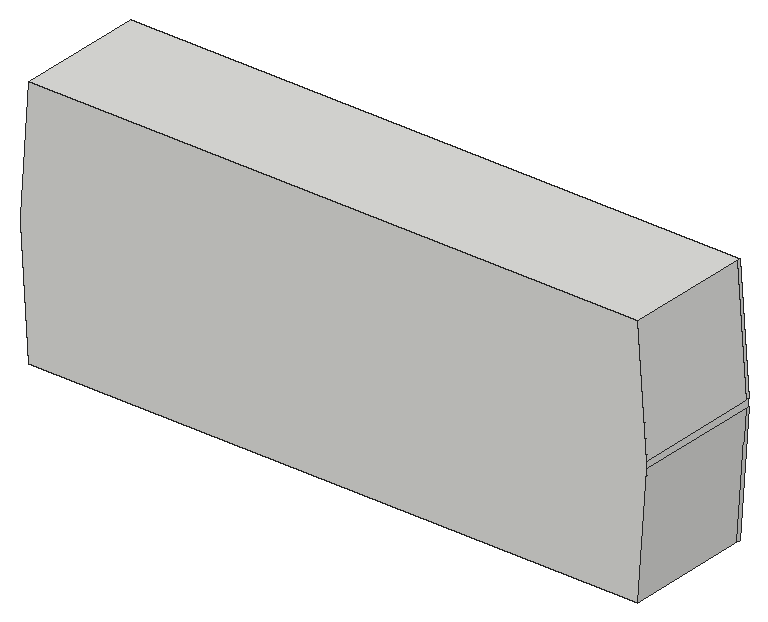
Revit family "290413 ProLED SC combi ST LED 230V 1t_Vegg", category Lighting Fixtures, Revit 2016
Family settings
  Part Type = Normal
  Round Connector Dimension = Use Diameter
  OmniClass Number = 23.80.70.11.21
  OmniClass Title = Emergency Lighting
  Work Plane-Based = No
  Always vertical = Yes
  Cut with Voids When Loaded = No
  Light Source = Yes
  Shared = No
  Room Calculation Point = No
Parameters (values of type "MarkeringsLys (45 Ned mot venstre)")
  Type Comments = "-UN"
  NS8360 = "4431_WT2"
  Markeringslys normal = no
  Markeringslys ikke normal = yes
  Keynote = "WT2"
  Height 2 = 0 mm  # constant formula
  Width = 73 mm  # constant formula
  Wattage Comments = "17 W"
  Wattage = 9.2903 W
  built-in parameter 1150110 = 1 (stored number, unit not read)
  Voltage = 230 V
  URL = ""
  built-in parameter 1114217 = 1 (stored number, unit not read)
  Tilt Angle = 90.00°
  built-in parameter 1150109 = 1 (stored number, unit not read)
  built-in parameter 1150134 = 3
  Symbol Positive Direction [instance] = yes
  Symbol Offset Side [instance] = 0 mm
  Symbol Offset Out [instance] = 0 mm
  built-in parameter 1150113 = 1 (stored number, unit not read)
  Reference Line Out [instance] = 50 mm
  Photometric Web File = "20x42A12.ies"
  Number of Poles = 1
  MarkeringsLys Venstre = no
  MarkeringsLys Ned = no
  MarkeringsLys Opp = no
  MarkeringsLys Høyre = no
  MarkeringsLys 45 Opp mot venstre = no
  MarkeringsLys 45 Opp mot høyre = no
  MarkeringsLys 45 Ned mot venstre = yes
  MarkeringsLys 45 Ned mot høyre = no
  ML = yes
  built-in parameter 1150105 = 109.82 (stored number, unit not read)
  Lumens = 1380 lm
  built-in parameter 1150115 = 1 (stored number, unit not read)
  Load Classification [instance] = Other
  Model = ""
  Manufacturer = "Honeywell"
  built-in parameter 1150137 = (empty or 0)
  built-in parameter 1150139 = (empty or 0)
  Length 1 = Length - 15 mm  # 345 mm
  Length = 360 mm  # constant formula
  LedeLys = no
  built-in parameter 1150112 = 1 (stored number, unit not read)
  built-in parameter 1150114 = 1 (stored number, unit not read)
  Lamp = "1"
  built-in parameter 1150132 = (empty or 0)
  built-in parameter 1150102 = (empty or 0)
  built-in parameter 1150107 = 3200 (stored number, unit not read)
  built-in parameter 1150138 = (empty or 0)
  built-in parameter 1150106 = 1.0982 (stored number, unit not read)
  Height 1 = Height - 10 mm  # 135 mm
  Height = 145 mm  # constant formula
  Emit from Rectangle Width = Height  # 145 mm
  Emit from Rectangle Length = Length  # 360 mm
  Emit Shape Visible in Rendering = no
  built-in parameter 1150104 = 13.8 (stored number, unit not read)
  Dimming Lamp Color Temperature Shift = <None>
  Description = ""
  Color Filter = 16777215
  Body Material and Colour = Steel
  built-in parameter 1114218 = 1 (stored number, unit not read)
  built-in parameter 1150133 = 10 (stored number, unit not read)
  Assembly Code = "4431"
  Apparent Load = 17 VA
Types (9, lengths in mm): name | NS8360 | Markeringslys normal | Markeringslys ikke normal | MarkeringsLys Venstre | MarkeringsLys Ned | MarkeringsLys Opp | MarkeringsLys Høyre | MarkeringsLys 45 Opp mot venstre | MarkeringsLys 45 Opp mot høyre | MarkeringsLys 45 Ned mot venstre | MarkeringsLys 45 Ned mot høyre | ML | LedeLys | Assembly Code
  LedeLys | "4432_WT2" | yes | no | no | no | no | no | no | no | no | no | no | yes | "4432"
  MarkeringsLys (Ned) | "4431_WT2" | yes | no | no | yes | no | no | no | no | no | no | yes | no | "4431"
  MarkeringsLys (Opp) | "4431_WT2" | yes | no | no | no | yes | no | no | no | no | no | yes | no | "4431"
  MarkeringsLys (Venstre) | "4431_WT2" | no | yes | yes | no | no | no | no | no | no | no | yes | no | "4431"
  MarkeringsLys (Høyre) | "4431_WT2" | yes | no | no | no | no | yes | no | no | no | no | yes | no | "4431"
  MarkeringsLys (45 Ned mot høyre) | "4431_WT2" | yes | no | no | no | no | no | no | no | no | yes | yes | no | "4431"
  MarkeringsLys (45 Ned mot venstre) | "4431_WT2" | no | yes | no | no | no | no | no | no | yes | no | yes | no | "4431"
  MarkeringsLys (45 Opp mot høyre) | "4431_WT2" | yes | no | no | no | no | no | no | yes | no | no | yes | no | "4431"
  MarkeringsLys (45 Opp mot venstre) | "4431_WT2" | no | yes | no | no | no | no | yes | no | no | no | yes | no | "4431"
Reference planes
  plane 1 "Light Source Axis (F/B)": y = 119.961
  plane 2 "Top": z = 83
  plane 3 "Light Source Axis (L/R)": x = 0
  plane 4 "Level": z = 0
  plane 5 "Bottom": z = -145
  plane 6: x = -180
  plane 7: x = 180
  plane 8: y = 190.961
  plane 9: y = 192.961
  plane 10: z = -5
  plane 11: x = -172.5
  plane 12: x = 172.5
  plane 13: z = -72.5
  plane 14: z = -140
  plane 15: x = -80
  plane 16: x = 80
  plane 17: y = 149.961
Forms (mm)
  Extrusion 1, solid, material "Steel" <- "Body Material and Colour"
    sketch origin (0, 119.961, 0) x (1, 0, 0) y (0, 0, 1)
      loop
        arc (-175, 0) -> (-178.748, -35.161) -> (-180, -70.5) r 499.525
        line (-180, -70.5) -> (-180, -74.5)
        arc (-180, -74.5) -> (-178.748, -109.839) -> (-175, -145) r 499.525
        line (-175, -145) -> (175, -145)
        arc (175, -145) -> (178.748, -109.839) -> (180, -74.5) r 499.525
        line (180, -74.5) -> (180, -70.5)
        arc (180, -70.5) -> (178.748, -35.161) -> (175, 0) r 499.525
        line (175, 0) -> (-175, 0)
    from 0 to -71
  Extrusion 2, solid, material "Steel" <- "Body Material and Colour"
    sketch origin (0, 119.961, 0) x (1, 0, 0) y (0, 0, 1)
      loop
        arc (-175, 0) -> (-178.748, -35.161) -> (-180, -70.5) r 499.525
        line (-180, -70.5) -> (-180, -74.5)
        arc (-180, -74.5) -> (-178.748, -109.839) -> (-175, -145) r 499.525
        line (-175, -145) -> (175, -145)
        arc (175, -145) -> (178.748, -109.839) -> (180, -74.5) r 499.525
        line (180, -74.5) -> (180, -70.5)
        arc (180, -70.5) -> (178.748, -35.161) -> (175, 0) r 499.525
        line (175, 0) -> (-175, 0)
      loop
        line (-172.5, -5) -> (-172.5, -140) -> (172.5, -140) -> (172.5, -5) -> (-172.5, -5)
    from -73 to -71
  Extrusion 3, solid, material "White"
    sketch origin (0, 119.961, 0) x (1, 0, 0) y (0, 0, 1)
      loop
        line (172.5, -5) -> (-172.5, -5) -> (-172.5, -140) -> (172.5, -140) -> (172.5, -5)
    from -71 to -30
Cuts and joins
  joined: Extrusion 1, Extrusion 2
Lines and regions (mm)
  model lines, style "InvisibleLines"
    curve 1: line (0, 119.961, 0) -> (0, 169.961, 0)
  symbolic lines, style "InvisibleLines"
    curve 2: line (0, 119.961, 0) -> (0, 119.961, 50)
Dimensions and locks
  equal spacing: plane 6, plane 3 "Light Source Axis (L/R)", plane 7
  "Length": plane 6 to plane 7
  plane 8 to plane 1 "Light Source Axis (F/B)" = 71 mm
  locked: plane 9 to plane 8 at 2
  equal spacing: plane 4 "Level", plane 13, plane 5 "Bottom"
  "Height": plane 4 "Level" to plane 5 "Bottom"
  equal spacing: plane 11, plane 3 "Light Source Axis (L/R)", plane 12
  "Length 1": plane 11 to plane 12
  equal spacing: plane 10, plane 13, plane 14
  "Height 1": plane 10 to plane 14
  "Width": plane 1 "Light Source Axis (F/B)" to plane 9
  "Reference Line Out": plane 1 "Light Source Axis (F/B)" to curve 1
  plane 11 to plane 6 = 7.5 mm
  "Height 2": level to plane 4 "Level"
  equal spacing: plane 16, plane 3 "Light Source Axis (L/R)", plane 15
  locked: plane 16 to plane 15 at 160
  plane 1 "Light Source Axis (F/B)" to plane 17 = 30 mm
  aligned and locked: plane 3 "Light Source Axis (L/R)" to nested 2
  aligned and locked: plane 1 "Light Source Axis (F/B)" to nested 2
  aligned and locked: plane 8 to nested 1
  aligned and locked: plane 4 "Level" to Extrusion 1 sketch curve
  aligned and locked: plane 5 "Bottom" to Extrusion 1 sketch curve
  aligned and locked: Extrusion 1 to plane 8
  aligned and locked: plane 1 "Light Source Axis (F/B)" to Extrusion 1
  aligned and locked: plane 4 "Level" to Extrusion 2 sketch curve
  aligned and locked: plane 5 "Bottom" to Extrusion 2 sketch curve
  aligned and locked: plane 6 to Extrusion 2 sketch curve
  aligned and locked: Extrusion 2 sketch curve to plane 10
  aligned and locked: plane 11 to Extrusion 2 sketch curve
  aligned and locked: plane 14 to Extrusion 2 sketch curve
  aligned and locked: Extrusion 2 sketch curve to plane 12
  aligned and locked: plane 8 to Extrusion 2
  aligned and locked: Extrusion 2 to plane 9
  aligned and locked: nested 1 to plane 13
  aligned and locked: plane 13 to imposter light
  aligned and locked: imposter light to plane 1 "Light Source Axis (F/B)"
  aligned and locked: imposter light to plane 3 "Light Source Axis (L/R)"
  aligned and locked: plane 1 "Light Source Axis (F/B)" to curve 1
  aligned and locked: plane 3 "Light Source Axis (L/R)" to curve 1
  aligned and locked: nested 3 to plane 3 "Light Source Axis (L/R)"
  aligned and locked: plane 13 to nested 3
  aligned and locked: nested 3 to plane 8
  aligned and locked: plane 13 to nested 4
  aligned and locked: nested 4 to plane 3 "Light Source Axis (L/R)"
  aligned and locked: nested 4 to plane 8
  aligned and locked: plane 13 to nested 5
  aligned and locked: nested 5 to plane 3 "Light Source Axis (L/R)"
  aligned and locked: nested 5 to plane 8
  aligned and locked: plane 13 to nested 6
  aligned and locked: nested 6 to plane 3 "Light Source Axis (L/R)"
  aligned and locked: nested 6 to plane 8
  aligned and locked: nested 7 to plane 8
  aligned and locked: nested 7 to plane 3 "Light Source Axis (L/R)"
  aligned and locked: plane 13 to nested 7
  aligned and locked: nested 8 to plane 8
  aligned and locked: nested 8 to plane 3 "Light Source Axis (L/R)"
  aligned and locked: plane 13 to nested 8
  aligned and locked: nested 9 to plane 8
  aligned and locked: plane 13 to nested 9
  aligned and locked: nested 9 to plane 3 "Light Source Axis (L/R)"
  aligned and locked: Extrusion 3 sketch curve to plane 12
  aligned and locked: plane 14 to Extrusion 3 sketch curve
  aligned and locked: plane 11 to Extrusion 3 sketch curve
  aligned and locked: Extrusion 3 sketch curve to plane 10
  aligned and locked: Extrusion 3 to plane 8
  aligned and locked: Extrusion 3 to plane 17
  aligned and locked: Extrusion 1 sketch curve to plane 7
  aligned and locked: plane 7 to Extrusion 2 sketch curve
  aligned and locked: plane 3 "Light Source Axis (L/R)" to curve 2
  aligned and locked: level to curve 2
  aligned and locked: plane 3 "Light Source Axis (L/R)" to nested 10
  aligned and locked: plane 1 "Light Source Axis (F/B)" to nested 10
Automatic sketch dimensions
  Extrusion 1 sketch curve to plane 6 = 0 mm
  plane 13 to Extrusion 1 sketch curve = 2 mm  (x2)
  Extrusion 1 sketch curve to Extrusion 1 sketch curve = 139.525 mm
  Extrusion 1 sketch curve to plane 13 = 2 mm  (x2)
  Extrusion 1 sketch curve to Extrusion 1 sketch curve = 0 mm  (x2)
  plane 6 to Extrusion 1 sketch curve = 5 mm
  plane 13 to Extrusion 2 sketch curve = 2 mm  (x2)
  Extrusion 2 sketch curve to plane 6 = 139.525 mm
  Extrusion 2 sketch curve to plane 13 = 2 mm  (x2)
  Extrusion 2 sketch curve to Extrusion 2 sketch curve = 0 mm  (x2)
  plane 6 to Extrusion 2 sketch curve = 5 mm
  plane 2 "Top" to curve 2 = 33 mm
Nested families
  nested 1: "Formula 65_ned" at (0, 190.961, -72.5), type "Formula 65"
  nested 2: "LedelysS" at (0, 119.961, 0), visible <- "LedeLys", type "Type 1"
  nested 3: "Formula 65_skrått 45 grader ned mot høyre" at (0, 190.961, -72.5) x (-1, 0, 0) z (0, 0, 1), visible <- "LedeLys", type "Formula 65"
  nested 4: "Formula 65_skrått 45 grader ned mot venstre" at (0, 190.961, -72.5) x (-1, 0, 0) z (0, 0, 1), type "Formula 65"
  nested 5: "Formula 65_skrått 45 grader opp mot høyre" at (0, 190.961, -72.5) x (-1, 0, 0) z (0, 0, 1), type "Formula 65"
  nested 6: "Formula 65_skrått 45 grader opp mot venstre" at (0, 190.961, -72.5) x (-1, 0, 0) z (0, 0, 1), type "Formula 65"
  nested 7: "Formula 65_høyre" at (0, 190.961, -72.5) x (-1, 0, 0) z (0, 0, 1), type "Formula 65"
  nested 8: "Formula 65_opp" at (0, 190.961, -72.5) x (-1, 0, 0) z (0, 0, 1), type "Formula 65"
  nested 9: "Formula 65_venstre" at (0, 190.961, -72.5) x (-1, 0, 0) z (0, 0, 1), type "Formula 65"
  nested 10: "Markeringslys1sideS" at (0, 119.961, 0), visible <- "ML", type "Type 1"
Connectors
  electrical at (0, 119.961, 0), driven by "Number of Poles", driven by "Load Classification", driven by "Voltage", driven by "Apparent Load"
    settings: index 1, voltage 230 V, apparent load 0 VA, apparent load phase1 17 VA, apparent load phase2 0 VA, apparent load phase3 0 VA, power factor 1, load classification "Other", number of poles 1, system type 31, power factor state 1, is connector primary yes, connector utility no, sub classification motor no, connector description ""
Definition of nested family "Formula 65_skrått 45 grader ned mot venstre"
  Parameters (values of type "Formula 65")
    L = 205 mm
    H = 135 mm
    45 ned mot venstre = yes
  Reference planes
    plane 1 "Center (Front/Back)": y = 0
    plane 2: z = 0
    plane 3 "Center (Left/Right)": x = 0
    plane 4: y = -2
  Forms (mm)
    Extrusion 1, solid, visible <- "45 ned mot venstre"
      sketch origin (453.48, 0, -265.275) x (1, 0, 0) y (0, 0, 1)
        loop
          line (-280.98, 332.775) -> (-625.98, 332.775) -> (-625.98, 197.775) -> (-280.98, 197.775) -> (-280.98, 332.775)
        loop
          circle (-417.615, 311.311) r 8.584
        loop
          line (-410.584, 296.212) -> (-415.061, 291.735) -> (-410.042, 283.042) -> (-424.294, 271.082)
          arc (-424.294, 271.082) -> (-425.135, 269.468) -> (-424.587, 267.732) r 2.378
          line (-424.587, 267.732) -> (-422.549, 265.304)
          arc (-422.549, 265.304) -> (-420.935, 264.463) -> (-419.2, 265.011) r 2.378
          line (-419.2, 265.011) -> (-406.018, 276.072) -> (-399.981, 265.617) -> (-413.827, 253.999) -> (-413.827, 216.163)
          arc (-413.827, 216.163) -> (-412.666, 213.361) -> (-409.864, 212.2) r 3.963
          line (-409.864, 212.2) -> (-405.901, 212.2)
          arc (-405.901, 212.2) -> (-403.099, 213.361) -> (-401.938, 216.163) r 3.963
          line (-401.938, 216.163) -> (-401.938, 248.455) -> (-393.945, 255.162) -> (-387.614, 244.195) -> (-346.457, 244.195)
          arc (-346.457, 244.195) -> (-343.655, 245.356) -> (-342.494, 248.158) r 3.963
          line (-342.494, 248.158) -> (-342.494, 252.121)
          arc (-342.494, 252.121) -> (-343.655, 254.924) -> (-346.457, 256.084) r 3.963
          line (-346.457, 256.084) -> (-367.022, 256.084) -> (-386.981, 290.655) -> (-366.358, 286.639) -> (-358.93, 273.773)
          arc (-358.93, 273.773) -> (-357.426, 272.65) -> (-355.576, 272.968) r 2.378
          line (-355.576, 272.968) -> (-352.83, 274.751)
          arc (-352.83, 274.751) -> (-351.799, 276.251) -> (-352.131, 278.04) r 2.378
          line (-352.131, 278.04) -> (-362.467, 293.956) -> (-403.704, 301.986) -> (-410.584, 296.212)
        loop
          line (-553.229, 266.575) -> (-553.229, 229) -> (-515.653, 229) -> (-504.381, 240.273) -> (-530.684, 240.273) -> (-475.043, 295.913) -> (-486.316, 307.186) -> (-541.956, 251.545) -> (-541.956, 277.848) -> (-553.229, 266.575)
      from 0 to 2
  Dimensions and locks
    aligned and locked: level to plane 2
Definition of nested family "Formula 65_ned"
  Parameters (values of type "Formula 65")
    Ned = yes
    L = 205 mm
    H = 135 mm
  Reference planes
    plane 1 "Center (Front/Back)": y = 0
    plane 2: z = 0
    plane 3 "Center (Left/Right)": x = 0
    plane 4: y = -2
  Forms (mm)
    Extrusion 1, solid, visible <- "Ned"
      sketch origin (453.48, 0, -265.275) x (1, 0, 0) y (0, 0, 1)
        loop
          line (-280.98, 332.775) -> (-625.98, 332.775) -> (-625.98, 197.775) -> (-280.98, 197.775) -> (-280.98, 332.775)
        loop
          line (-504.749, 240.544) -> (-504.749, 256.486) -> (-523.347, 237.888) -> (-523.347, 316.575) -> (-539.289, 316.575) -> (-539.289, 237.888) -> (-557.888, 256.486) -> (-557.888, 240.544) -> (-531.318, 213.975) -> (-504.749, 240.544)
        loop
          circle (-417.615, 311.311) r 8.584
        loop
          line (-410.584, 296.212) -> (-415.061, 291.735) -> (-410.042, 283.042) -> (-424.294, 271.082)
          arc (-424.294, 271.082) -> (-425.135, 269.468) -> (-424.587, 267.732) r 2.378
          line (-424.587, 267.732) -> (-422.549, 265.304)
          arc (-422.549, 265.304) -> (-420.935, 264.463) -> (-419.2, 265.011) r 2.378
          line (-419.2, 265.011) -> (-406.018, 276.072) -> (-399.981, 265.617) -> (-413.827, 253.999) -> (-413.827, 216.163)
          arc (-413.827, 216.163) -> (-412.666, 213.361) -> (-409.864, 212.2) r 3.963
          line (-409.864, 212.2) -> (-405.901, 212.2)
          arc (-405.901, 212.2) -> (-403.099, 213.361) -> (-401.938, 216.163) r 3.963
          line (-401.938, 216.163) -> (-401.938, 248.455) -> (-393.945, 255.162) -> (-387.614, 244.195) -> (-346.457, 244.195)
          arc (-346.457, 244.195) -> (-343.655, 245.356) -> (-342.494, 248.158) r 3.963
          line (-342.494, 248.158) -> (-342.494, 252.121)
          arc (-342.494, 252.121) -> (-343.655, 254.924) -> (-346.457, 256.084) r 3.963
          line (-346.457, 256.084) -> (-367.022, 256.084) -> (-386.981, 290.655) -> (-366.358, 286.639) -> (-358.93, 273.773)
          arc (-358.93, 273.773) -> (-357.426, 272.65) -> (-355.576, 272.968) r 2.378
          line (-355.576, 272.968) -> (-352.83, 274.751)
          arc (-352.83, 274.751) -> (-351.799, 276.251) -> (-352.131, 278.04) r 2.378
          line (-352.131, 278.04) -> (-362.467, 293.956) -> (-403.704, 301.986) -> (-410.584, 296.212)
      from 0 to 2
  Dimensions and locks
    aligned and locked: level to plane 2
Definition of nested family "LedelysS"
  Parameters
    CQ Symbol Positive Direction = yes
    CQ Symbol Negative Direction = not(CQ Symbol Positive Direction)  # no
    CQ Symbol Offset Side = 0 mm
    CQ Symbol Offset Out = 0 mm
  Reference planes
    plane 1: y = 0
    plane 2: x = 0
  Dimensions and locks
    "CQ Symbol Offset Out": plane 1 to nested 1
    "CQ Symbol Offset Out": plane 1 to nested 2
    "CQ Symbol Offset Side": plane 2 to nested 2
    "CQ Symbol Offset Side": nested 1 to plane 2
  Nested families
    nested 1: "LedelysSub" at (0, 0, 0), visible <- "CQ Symbol Negative Direction", type "Type 1"
    nested 2: "LedelysSub" at (0, 0, 0), visible <- "CQ Symbol Positive Direction", type "Type 1"
  Definition of nested family "LedelysSub"
    Reference planes
      plane 1: y = 0
      plane 2: x = 0
    Lines and regions (mm)
      detail lines
        curve 1: line (-4, 0, 0) -> (4, 0, 0)
        curve 2: line (4, 0, 0) -> (4, 4, 0)
        curve 3: line (4, 4, 0) -> (-4, 4, 0)
        curve 4: line (-4, 4, 0) -> (-4, 0, 0)
        curve 5: line (-3.097, 0.75, 0) -> (-0.597, 3.25, 0)
        curve 6: line (-3.097, 3.25, 0) -> (-0.597, 0.75, 0)
        curve 7: circle (-1.847, 2, 0) r 1.2 normal (0, 0, 1)
    Text (mm)
      text "LL" at (2.179, 3.025, 0)
Definition of nested family "Formula 65_skrått 45 grader ned mot høyre"
  Parameters (values of type "Formula 65")
    L = 205 mm
    H = 135 mm
    45 ned mot høyre = yes
  Reference planes
    plane 1 "Center (Front/Back)": y = 0
    plane 2: z = 0
    plane 3 "Center (Left/Right)": x = 0
    plane 4: y = -2
  Forms (mm)
    Extrusion 1, solid, visible <- "45 ned mot høyre"
      sketch origin (453.48, 0, -265.275) x (1, 0, 0) y (0, 0, 1)
        loop
          line (-280.98, 332.775) -> (-625.98, 332.775) -> (-625.98, 197.775) -> (-280.98, 197.775) -> (-280.98, 332.775)
        loop
          circle (-489.344, 311.311) r 8.584
        loop
          line (-496.375, 296.212) -> (-503.256, 301.986) -> (-544.493, 293.956) -> (-554.828, 278.04)
          arc (-554.828, 278.04) -> (-555.16, 276.251) -> (-554.129, 274.751) r 2.378
          line (-554.129, 274.751) -> (-551.383, 272.968)
          arc (-551.383, 272.968) -> (-549.533, 272.65) -> (-548.029, 273.773) r 2.378
          line (-548.029, 273.773) -> (-540.601, 286.639) -> (-519.978, 290.655) -> (-539.937, 256.084) -> (-560.502, 256.084)
          arc (-560.502, 256.084) -> (-563.304, 254.924) -> (-564.465, 252.121) r 3.963
          line (-564.465, 252.121) -> (-564.465, 248.158)
          arc (-564.465, 248.158) -> (-563.304, 245.356) -> (-560.502, 244.195) r 3.963
          line (-560.502, 244.195) -> (-519.345, 244.195) -> (-513.014, 255.162) -> (-505.021, 248.455) -> (-505.021, 216.163)
          arc (-505.021, 216.163) -> (-503.86, 213.361) -> (-501.058, 212.2) r 3.963
          line (-501.058, 212.2) -> (-497.095, 212.2)
          arc (-497.095, 212.2) -> (-494.293, 213.361) -> (-493.132, 216.163) r 3.963
          line (-493.132, 216.163) -> (-493.132, 253.999) -> (-506.978, 265.617) -> (-500.942, 276.072) -> (-487.759, 265.011)
          arc (-487.759, 265.011) -> (-486.024, 264.463) -> (-484.41, 265.304) r 2.378
          line (-484.41, 265.304) -> (-482.372, 267.732)
          arc (-482.372, 267.732) -> (-481.824, 269.468) -> (-482.665, 271.082) r 2.378
          line (-482.665, 271.082) -> (-496.917, 283.042) -> (-491.898, 291.735) -> (-496.375, 296.212)
        loop
          line (-348.33, 266.575) -> (-359.603, 277.848) -> (-359.603, 251.545) -> (-415.243, 307.186) -> (-426.516, 295.913) -> (-370.876, 240.273) -> (-397.178, 240.273) -> (-385.906, 229) -> (-348.33, 229) -> (-348.33, 266.575)
      from 0 to 2
  Dimensions and locks
    aligned and locked: level to plane 2
Definition of nested family "Formula 65_skrått 45 grader opp mot høyre"
  Parameters (values of type "Formula 65")
    L = 205 mm
    H = 135 mm
    45 grader opp mot høyre = yes
  Reference planes
    plane 1 "Center (Front/Back)": y = 0
    plane 2: z = 0
    plane 3 "Center (Left/Right)": x = 0
    plane 4: y = -2
  Forms (mm)
    Extrusion 1, solid, visible <- "45 grader opp mot høyre"
      sketch origin (453.48, 0, -265.275) x (1, 0, 0) y (0, 0, 1)
        loop
          line (-280.98, 332.775) -> (-625.98, 332.775) -> (-625.98, 197.775) -> (-280.98, 197.775) -> (-280.98, 332.775)
        loop
          circle (-489.344, 311.311) r 8.584
        loop
          line (-496.375, 296.212) -> (-503.256, 301.986) -> (-544.493, 293.956) -> (-554.828, 278.04)
          arc (-554.828, 278.04) -> (-555.16, 276.251) -> (-554.129, 274.751) r 2.378
          line (-554.129, 274.751) -> (-551.383, 272.968)
          arc (-551.383, 272.968) -> (-549.533, 272.65) -> (-548.029, 273.773) r 2.378
          line (-548.029, 273.773) -> (-540.601, 286.639) -> (-519.978, 290.655) -> (-539.937, 256.084) -> (-560.502, 256.084)
          arc (-560.502, 256.084) -> (-563.304, 254.924) -> (-564.465, 252.121) r 3.963
          line (-564.465, 252.121) -> (-564.465, 248.158)
          arc (-564.465, 248.158) -> (-563.304, 245.356) -> (-560.502, 244.195) r 3.963
          line (-560.502, 244.195) -> (-519.345, 244.195) -> (-513.014, 255.162) -> (-505.021, 248.455) -> (-505.021, 216.163)
          arc (-505.021, 216.163) -> (-503.86, 213.361) -> (-501.058, 212.2) r 3.963
          line (-501.058, 212.2) -> (-497.095, 212.2)
          arc (-497.095, 212.2) -> (-494.293, 213.361) -> (-493.132, 216.163) r 3.963
          line (-493.132, 216.163) -> (-493.132, 253.999) -> (-506.978, 265.617) -> (-500.942, 276.072) -> (-487.759, 265.011)
          arc (-487.759, 265.011) -> (-486.024, 264.463) -> (-484.41, 265.304) r 2.378
          line (-484.41, 265.304) -> (-482.372, 267.732)
          arc (-482.372, 267.732) -> (-481.824, 269.468) -> (-482.665, 271.082) r 2.378
          line (-482.665, 271.082) -> (-496.917, 283.042) -> (-491.898, 291.735) -> (-496.375, 296.212)
        loop
          line (-348.33, 263.974) -> (-348.33, 301.549) -> (-385.906, 301.549) -> (-397.178, 290.277) -> (-370.876, 290.277) -> (-426.516, 234.636) -> (-415.243, 223.364) -> (-359.603, 279.004) -> (-359.603, 252.701) -> (-348.33, 263.974)
      from 0 to 2
  Dimensions and locks
    aligned and locked: level to plane 2
Definition of nested family "Formula 65_skrått 45 grader opp mot venstre"
  Parameters (values of type "Formula 65")
    L = 205 mm
    H = 135 mm
    45 opp mot venstre = yes
  Reference planes
    plane 1 "Center (Front/Back)": y = 0
    plane 2: z = 0
    plane 3 "Center (Left/Right)": x = 0
    plane 4: y = -2
  Forms (mm)
    Extrusion 1, solid, visible <- "45 opp mot venstre"
      sketch origin (453.48, 0, -265.275) x (1, 0, 0) y (0, 0, 1)
        loop
          line (-280.98, 332.775) -> (-625.98, 332.775) -> (-625.98, 197.775) -> (-280.98, 197.775) -> (-280.98, 332.775)
        loop
          circle (-413.631, 316.426) r 9.538
        loop
          line (-405.818, 299.649) -> (-410.792, 294.675) -> (-405.215, 285.016) -> (-421.051, 271.728)
          arc (-421.051, 271.728) -> (-421.985, 269.934) -> (-421.377, 268.006) r 2.642
          line (-421.377, 268.006) -> (-419.113, 265.307)
          arc (-419.113, 265.307) -> (-417.319, 264.373) -> (-415.391, 264.981) r 2.642
          line (-415.391, 264.981) -> (-400.744, 277.271) -> (-394.037, 265.655) -> (-409.421, 252.746) -> (-409.421, 210.706)
          arc (-409.421, 210.706) -> (-408.132, 207.592) -> (-405.018, 206.303) r 4.403
          line (-405.018, 206.303) -> (-400.615, 206.303)
          arc (-400.615, 206.303) -> (-397.501, 207.592) -> (-396.211, 210.706) r 4.403
          line (-396.211, 210.706) -> (-396.211, 246.586) -> (-387.33, 254.038) -> (-380.295, 241.853) -> (-334.565, 241.853)
          arc (-334.565, 241.853) -> (-331.452, 243.143) -> (-330.162, 246.257) r 4.403
          line (-330.162, 246.257) -> (-330.162, 250.66)
          arc (-330.162, 250.66) -> (-331.452, 253.773) -> (-334.565, 255.063) r 4.403
          line (-334.565, 255.063) -> (-357.415, 255.063) -> (-379.592, 293.474) -> (-356.678, 289.013) -> (-348.425, 274.717)
          arc (-348.425, 274.717) -> (-346.753, 273.469) -> (-344.698, 273.823) r 2.642
          line (-344.698, 273.823) -> (-341.647, 275.804)
          arc (-341.647, 275.804) -> (-340.501, 277.47) -> (-340.87, 279.459) r 2.642
          line (-340.87, 279.459) -> (-352.354, 297.143) -> (-398.173, 306.065) -> (-405.818, 299.649)
        loop
          line (-576.312, 263.83) -> (-563.787, 251.304) -> (-563.787, 280.53) -> (-501.964, 218.707) -> (-489.439, 231.232) -> (-551.262, 293.055) -> (-522.037, 293.055) -> (-534.562, 305.58) -> (-576.312, 305.58) -> (-576.312, 263.83)
      from 0 to 2
  Dimensions and locks
    aligned and locked: level to plane 2
Definition of nested family "Formula 65_høyre"
  Parameters (values of type "Formula 65")
    L = 205 mm
    Høyre = yes
    H = 135 mm
  Reference planes
    plane 1 "Center (Front/Back)": y = 0
    plane 2: z = 0
    plane 3 "Center (Left/Right)": x = 0
    plane 4: y = -2
  Forms (mm)
    Extrusion 1, solid, visible <- "Høyre"
      sketch origin (453.48, 0, -265.275) x (1, 0, 0) y (0, 0, 1)
        loop
          line (-280.98, 332.775) -> (-625.98, 332.775) -> (-625.98, 197.775) -> (-280.98, 197.775) -> (-280.98, 332.775)
        loop
          circle (-489.344, 311.311) r 8.584
        loop
          line (-496.375, 296.212) -> (-503.256, 301.986) -> (-544.493, 293.956) -> (-554.828, 278.04)
          arc (-554.828, 278.04) -> (-555.16, 276.251) -> (-554.129, 274.751) r 2.378
          line (-554.129, 274.751) -> (-551.383, 272.968)
          arc (-551.383, 272.968) -> (-549.533, 272.65) -> (-548.029, 273.773) r 2.378
          line (-548.029, 273.773) -> (-540.601, 286.639) -> (-519.978, 290.655) -> (-539.937, 256.084) -> (-560.502, 256.084)
          arc (-560.502, 256.084) -> (-563.304, 254.924) -> (-564.465, 252.121) r 3.963
          line (-564.465, 252.121) -> (-564.465, 248.158)
          arc (-564.465, 248.158) -> (-563.304, 245.356) -> (-560.502, 244.195) r 3.963
          line (-560.502, 244.195) -> (-519.345, 244.195) -> (-513.014, 255.162) -> (-505.021, 248.455) -> (-505.021, 216.163)
          arc (-505.021, 216.163) -> (-503.86, 213.361) -> (-501.058, 212.2) r 3.963
          line (-501.058, 212.2) -> (-497.095, 212.2)
          arc (-497.095, 212.2) -> (-494.293, 213.361) -> (-493.132, 216.163) r 3.963
          line (-493.132, 216.163) -> (-493.132, 253.999) -> (-506.978, 265.617) -> (-500.942, 276.072) -> (-487.759, 265.011)
          arc (-487.759, 265.011) -> (-486.024, 264.463) -> (-484.41, 265.304) r 2.378
          line (-484.41, 265.304) -> (-482.372, 267.732)
          arc (-482.372, 267.732) -> (-481.824, 269.468) -> (-482.665, 271.082) r 2.378
          line (-482.665, 271.082) -> (-496.917, 283.042) -> (-491.898, 291.735) -> (-496.375, 296.212)
        loop
          line (-357.175, 291.844) -> (-373.117, 291.844) -> (-354.518, 273.246) -> (-433.205, 273.246) -> (-433.205, 257.304) -> (-354.518, 257.304) -> (-373.117, 238.705) -> (-357.175, 238.705) -> (-330.605, 265.275) -> (-357.175, 291.844)
      from 0 to 2
  Dimensions and locks
    aligned and locked: level to plane 2
Definition of nested family "Formula 65_opp"
  Parameters (values of type "Formula 65")
    Up = yes
    L = 205 mm
    H = 135 mm
  Reference planes
    plane 1 "Center (Front/Back)": y = 0
    plane 2: z = 0
    plane 3 "Center (Left/Right)": x = 0
    plane 4: y = -2
  Forms (mm)
    Extrusion 1, solid, visible <- "Up"
      sketch origin (453.48, 0, -265.275) x (1, 0, 0) y (0, 0, 1)
        loop
          line (-280.98, 332.775) -> (-625.98, 332.775) -> (-625.98, 197.775) -> (-280.98, 197.775) -> (-280.98, 332.775)
        loop
          circle (-417.615, 311.311) r 8.584
        loop
          line (-410.584, 296.212) -> (-415.061, 291.735) -> (-410.042, 283.042) -> (-424.294, 271.082)
          arc (-424.294, 271.082) -> (-425.135, 269.468) -> (-424.587, 267.732) r 2.378
          line (-424.587, 267.732) -> (-422.549, 265.304)
          arc (-422.549, 265.304) -> (-420.935, 264.463) -> (-419.2, 265.011) r 2.378
          line (-419.2, 265.011) -> (-406.018, 276.072) -> (-399.981, 265.617) -> (-413.827, 253.999) -> (-413.827, 216.163)
          arc (-413.827, 216.163) -> (-412.666, 213.361) -> (-409.864, 212.2) r 3.963
          line (-409.864, 212.2) -> (-405.901, 212.2)
          arc (-405.901, 212.2) -> (-403.099, 213.361) -> (-401.938, 216.163) r 3.963
          line (-401.938, 216.163) -> (-401.938, 248.455) -> (-393.945, 255.162) -> (-387.614, 244.195) -> (-346.457, 244.195)
          arc (-346.457, 244.195) -> (-343.655, 245.356) -> (-342.494, 248.158) r 3.963
          line (-342.494, 248.158) -> (-342.494, 252.121)
          arc (-342.494, 252.121) -> (-343.655, 254.924) -> (-346.457, 256.084) r 3.963
          line (-346.457, 256.084) -> (-367.022, 256.084) -> (-386.981, 290.655) -> (-366.358, 286.639) -> (-358.93, 273.773)
          arc (-358.93, 273.773) -> (-357.426, 272.65) -> (-355.576, 272.968) r 2.378
          line (-355.576, 272.968) -> (-352.83, 274.751)
          arc (-352.83, 274.751) -> (-351.799, 276.251) -> (-352.131, 278.04) r 2.378
          line (-352.131, 278.04) -> (-362.467, 293.956) -> (-403.704, 301.986) -> (-410.584, 296.212)
        loop
          line (-504.749, 290.005) -> (-531.318, 316.575) -> (-557.888, 290.005) -> (-557.888, 274.063) -> (-539.289, 292.662) -> (-539.289, 213.975) -> (-523.347, 213.975) -> (-523.347, 292.662) -> (-504.749, 274.063) -> (-504.749, 290.005)
      from 0 to 2
  Dimensions and locks
    aligned and locked: level to plane 2
Definition of nested family "Formula 65_venstre"
  Parameters (values of type "Formula 65")
    Venstre = yes
    L = 345 mm
    H = 135 mm
  Reference planes
    plane 1 "Center (Front/Back)": y = 0
    plane 2: z = 0
    plane 3 "Center (Left/Right)": x = 0
    plane 4: y = -2
  Forms (mm)
    Extrusion 1, solid, visible <- "Venstre"
      sketch origin (453.48, 0, -265.275) x (1, 0, 0) y (0, 0, 1)
        loop
          line (-280.98, 332.775) -> (-625.98, 332.775) -> (-625.98, 197.775) -> (-280.98, 197.775) -> (-280.98, 332.775)
        loop
          circle (-417.615, 311.311) r 8.584
        loop
          line (-410.584, 296.212) -> (-415.061, 291.735) -> (-410.042, 283.042) -> (-424.294, 271.082)
          arc (-424.294, 271.082) -> (-425.135, 269.468) -> (-424.587, 267.732) r 2.378
          line (-424.587, 267.732) -> (-422.549, 265.304)
          arc (-422.549, 265.304) -> (-420.935, 264.463) -> (-419.2, 265.011) r 2.378
          line (-419.2, 265.011) -> (-406.018, 276.072) -> (-399.981, 265.617) -> (-413.827, 253.999) -> (-413.827, 216.163)
          arc (-413.827, 216.163) -> (-412.666, 213.361) -> (-409.864, 212.2) r 3.963
          line (-409.864, 212.2) -> (-405.901, 212.2)
          arc (-405.901, 212.2) -> (-403.099, 213.361) -> (-401.938, 216.163) r 3.963
          line (-401.938, 216.163) -> (-401.938, 248.455) -> (-393.945, 255.162) -> (-387.614, 244.195) -> (-346.457, 244.195)
          arc (-346.457, 244.195) -> (-343.655, 245.356) -> (-342.494, 248.158) r 3.963
          line (-342.494, 248.158) -> (-342.494, 252.121)
          arc (-342.494, 252.121) -> (-343.655, 254.924) -> (-346.457, 256.084) r 3.963
          line (-346.457, 256.084) -> (-367.022, 256.084) -> (-386.981, 290.655) -> (-366.358, 286.639) -> (-358.93, 273.773)
          arc (-358.93, 273.773) -> (-357.426, 272.65) -> (-355.576, 272.968) r 2.378
          line (-355.576, 272.968) -> (-352.83, 274.751)
          arc (-352.83, 274.751) -> (-351.799, 276.251) -> (-352.131, 278.04) r 2.378
          line (-352.131, 278.04) -> (-362.467, 293.956) -> (-403.704, 301.986) -> (-410.584, 296.212)
        loop
          line (-540.334, 291.844) -> (-566.904, 265.275) -> (-540.334, 238.705) -> (-524.393, 238.705) -> (-542.991, 257.304) -> (-464.304, 257.304) -> (-464.304, 273.246) -> (-542.991, 273.246) -> (-524.393, 291.844) -> (-540.334, 291.844)
      from 0 to 2
  Dimensions and locks
    aligned and locked: level to plane 2
Definition of nested family "Markeringslys1sideS"
  Parameters (values of type "Type 1")
    Venstre opp 45 = no
    Venstre ned 45 = no
    Venstre = no
    Opp = no
    Normal = yes
    Ned = no
    Ikke normal = no
    Høyre opp 45 = no
    Høyre ned 45 = yes
    Høyre = no
    CQ Symbol Positive Direction = yes
    CQ Symbol Negative Direction = not(CQ Symbol Positive Direction)  # no
    CQ Symbol Offset Side = 0 mm
    CQ Symbol Offset Out = 0 mm
  Reference planes
    plane 1: y = 0
    plane 2: x = 0
  Dimensions and locks
    "CQ Symbol Offset Out": plane 1 to nested 1
    "CQ Symbol Offset Out": plane 1 to nested 2
    "CQ Symbol Offset Side": plane 2 to nested 2
    "CQ Symbol Offset Side": nested 1 to plane 2
  Nested families
    nested 1: "Markeringslys dobbel" at (0, 0, 0), visible <- "CQ Symbol Negative Direction", type "Type 1"
    nested 2: "Markeringslys dobbel" at (0, 0, 0), visible <- "CQ Symbol Positive Direction", type "Type 1"
  Definition of nested family "Markeringslys dobbel"
    Parameters (values of type "Type 1")
      Venstre opp 45 = no
      Venstre ned 45 = no
      Venstre = yes
      Opp = no
      Normal = no
      Ned = no
      Ikke normal = yes
      Høyre opp 45 = no
      Høyre ned 45 = no
      Høyre = no
    Reference planes
      plane 1: y = 0
      plane 2: x = 0
    Lines and regions (mm)
      detail lines
        curve 1: line (-4, 0, 0) -> (4, 0, 0)
        curve 2: line (-4, 4, 0) -> (4, 4, 0)
        curve 3: line (4, 4, 0) -> (4, 0, 0)
        curve 4: line (4, 0, 0) -> (-4, 0, 0)
        curve 5: line (-4, 0, 0) -> (-4, 4, 0)
      detail lines, visible <- "Ned"
        curve 6: line (-2.346, 0.5, 0) -> (-1.646, 0.5, 0)
        curve 7: line (-2.346, 0.5, 0) -> (-2.346, 2.584, 0)
        curve 8: line (-1.646, 0.5, 0) -> (-1.646, 2.584, 0)
        curve 9: line (-1.996, 3.5, 0) -> (-2.996, 2.5, 0)
        curve 10: line (-2.996, 2.5, 0) -> (-2.996, 1.934, 0)
        curve 11: line (-2.996, 1.934, 0) -> (-2.346, 2.584, 0)
        curve 12: line (-1.996, 3.5, 0) -> (-0.996, 2.5, 0)
        curve 13: line (-0.996, 2.5, 0) -> (-0.996, 1.934, 0)
        curve 14: line (-0.996, 1.934, 0) -> (-1.646, 2.584, 0)
      detail lines, visible <- "Normal"
        curve 15: circle (1.212, 0.614, 0) r 0.3 normal (0, 0, -1)
        curve 16: line (0.986, 3.7, 0) -> (1.395, 3.7, 0)
        curve 17: line (0.986, 3.7, 0) -> (1.823, 2.308, 0)
        curve 18: line (1.823, 2.308, 0) -> (1.461, 1.495, 0)
        curve 19: line (1.069, 2.147, 0) -> (1.461, 1.495, 0)
        curve 20: line (1.069, 2.147, 0) -> (0.487, 2.147, 0)
        curve 21: line (0.487, 2.147, 0) -> (0.487, 1.847, 0)
        curve 22: line (0.487, 1.847, 0) -> (0.899, 1.847, 0)
        curve 23: line (0.899, 1.847, 0) -> (1.307, 1.169, 0)
        curve 24: line (1.395, 3.7, 0) -> (2.104, 2.518, 0)
        curve 25: line (1.307, 1.169, 0) -> (1.753, 0.97, 0)
        curve 26: line (1.753, 0.97, 0) -> (2.625, 0.97, 0)
        curve 27: line (2.625, 0.97, 0) -> (2.99, 1.627, 0)
        curve 28: line (2.99, 1.627, 0) -> (2.769, 1.848, 0)
        curve 29: line (2.769, 1.848, 0) -> (2.457, 1.285, 0)
        curve 30: line (2.104, 2.518, 0) -> (2.259, 3.229, 0)
        curve 31: line (2.259, 3.229, 0) -> (3.557, 3.229, 0)
        curve 32: line (3.557, 3.229, 0) -> (3.457, 2.879, 0)
        curve 33: line (3.457, 2.879, 0) -> (2.541, 2.879, 0)
        curve 34: line (2.541, 2.879, 0) -> (2.4, 2.23, 0)
        curve 35: line (2.4, 2.23, 0) -> (2.021, 1.38, 0)
        curve 36: line (2.021, 1.38, 0) -> (2.457, 1.285, 0)
      detail lines, visible <- "Opp"
        curve 37: line (-1.646, 3.5, 0) -> (-2.346, 3.5, 0)
        curve 38: line (-1.646, 3.5, 0) -> (-1.646, 1.416, 0)
        curve 39: line (-2.346, 3.5, 0) -> (-2.346, 1.416, 0)
        curve 40: line (-1.996, 0.5, 0) -> (-0.996, 1.5, 0)
        curve 41: line (-0.996, 1.5, 0) -> (-0.996, 2.066, 0)
        curve 42: line (-0.996, 2.066, 0) -> (-1.646, 1.416, 0)
        curve 43: line (-1.996, 0.5, 0) -> (-2.996, 1.5, 0)
        curve 44: line (-2.996, 1.5, 0) -> (-2.996, 2.066, 0)
        curve 45: line (-2.996, 2.066, 0) -> (-2.346, 1.416, 0)
      detail lines, visible <- "Høyre"
        curve 46: line (-0.496, 1.65, 0) -> (-0.496, 2.35, 0)
        curve 47: line (-0.496, 1.65, 0) -> (-2.58, 1.65, 0)
        curve 48: line (-0.496, 2.35, 0) -> (-2.58, 2.35, 0)
        curve 49: line (-3.496, 2, 0) -> (-2.466, 0.97, 0)
        curve 50: line (-2.496, 1, 0) -> (-1.93, 1, 0)
        curve 51: line (-1.93, 1, 0) -> (-2.58, 1.65, 0)
        curve 52: line (-3.496, 2, 0) -> (-2.496, 3, 0)
        curve 53: line (-2.496, 3, 0) -> (-1.93, 3, 0)
        curve 54: line (-1.93, 3, 0) -> (-2.58, 2.35, 0)
      detail lines, visible <- "Ikke normal"
        curve 55: circle (-1.299, 0.614, 0) r 0.3 normal (0, 0, 1)
        curve 56: line (-1.073, 3.7, 0) -> (-1.482, 3.7, 0)
        curve 57: line (-1.073, 3.7, 0) -> (-1.91, 2.308, 0)
        curve 58: line (-1.91, 2.308, 0) -> (-1.548, 1.495, 0)
        curve 59: line (-1.156, 2.147, 0) -> (-1.548, 1.495, 0)
        curve 60: line (-1.156, 2.147, 0) -> (-0.574, 2.147, 0)
        curve 61: line (-0.574, 2.147, 0) -> (-0.574, 1.847, 0)
        curve 62: line (-0.574, 1.847, 0) -> (-0.986, 1.847, 0)
        curve 63: line (-0.986, 1.847, 0) -> (-1.394, 1.169, 0)
        curve 64: line (-1.482, 3.7, 0) -> (-2.192, 2.518, 0)
        curve 65: line (-1.394, 1.169, 0) -> (-1.84, 0.97, 0)
        curve 66: line (-1.84, 0.97, 0) -> (-2.713, 0.97, 0)
        curve 67: line (-2.713, 0.97, 0) -> (-3.077, 1.627, 0)
        curve 68: line (-3.077, 1.627, 0) -> (-2.856, 1.848, 0)
        curve 69: line (-2.856, 1.848, 0) -> (-2.544, 1.285, 0)
        curve 70: line (-2.192, 2.518, 0) -> (-2.346, 3.229, 0)
        curve 71: line (-2.346, 3.229, 0) -> (-3.644, 3.229, 0)
        curve 72: line (-3.644, 3.229, 0) -> (-3.544, 2.879, 0)
        curve 73: line (-3.544, 2.879, 0) -> (-2.628, 2.879, 0)
        curve 74: line (-2.628, 2.879, 0) -> (-2.487, 2.23, 0)
        curve 75: line (-2.487, 2.23, 0) -> (-2.108, 1.38, 0)
        curve 76: line (-2.108, 1.38, 0) -> (-2.544, 1.285, 0)
      detail lines, visible <- "Venstre"
        curve 77: line (0.409, 1.65, 0) -> (0.409, 2.35, 0)
        curve 78: line (0.409, 1.65, 0) -> (2.493, 1.65, 0)
        curve 79: line (0.409, 2.35, 0) -> (2.493, 2.35, 0)
        curve 80: line (3.409, 2, 0) -> (2.409, 1, 0)
        curve 81: line (2.409, 1, 0) -> (1.843, 1, 0)
        curve 82: line (1.843, 1, 0) -> (2.493, 1.65, 0)
        curve 83: line (3.409, 2, 0) -> (2.409, 3, 0)
        curve 84: line (2.409, 3, 0) -> (1.843, 3, 0)
        curve 85: line (1.843, 3, 0) -> (2.493, 2.35, 0)
      detail lines, visible <- "Venstre opp 45"
        curve 86: line (0.601, 2.813, 0) -> (1.096, 3.308, 0)
        curve 87: line (0.601, 2.813, 0) -> (2.075, 1.339, 0)
        curve 88: line (1.096, 3.308, 0) -> (2.57, 1.834, 0)
        curve 89: line (2.97, 0.939, 0) -> (1.556, 0.939, 0)
        curve 90: line (1.556, 0.939, 0) -> (1.156, 1.339, 0)
        curve 91: line (1.156, 1.339, 0) -> (2.075, 1.339, 0)
        curve 92: line (2.97, 0.939, 0) -> (2.97, 2.354, 0)
        curve 93: line (2.97, 2.354, 0) -> (2.57, 2.754, 0)
        curve 94: line (2.57, 2.754, 0) -> (2.57, 1.834, 0)
      detail lines, visible <- "Venstre ned 45"
        curve 95: line (1.096, 0.939, 0) -> (0.601, 1.434, 0)
        curve 96: line (1.096, 0.939, 0) -> (2.57, 2.413, 0)
        curve 97: line (0.601, 1.434, 0) -> (2.075, 2.908, 0)
        curve 98: line (2.97, 3.308, 0) -> (2.97, 1.894, 0)
        curve 99: line (2.97, 1.894, 0) -> (2.57, 1.494, 0)
        curve 100: line (2.57, 1.494, 0) -> (2.57, 2.413, 0)
        curve 101: line (2.97, 3.308, 0) -> (1.556, 3.308, 0)
        curve 102: line (1.556, 3.308, 0) -> (1.156, 2.908, 0)
        curve 103: line (1.156, 2.908, 0) -> (2.075, 2.908, 0)
      detail lines, visible <- "Høyre ned 45"
        curve 104: line (-1.18, 0.517, 0) -> (-0.685, 1.012, 0)
        curve 105: line (-1.18, 0.517, 0) -> (-2.654, 1.991, 0)
        curve 106: line (-0.685, 1.012, 0) -> (-2.159, 2.486, 0)
        curve 107: line (-3.054, 2.886, 0) -> (-3.054, 1.472, 0)
        curve 108: line (-3.054, 1.472, 0) -> (-2.654, 1.072, 0)
        curve 109: line (-2.654, 1.072, 0) -> (-2.654, 1.991, 0)
        curve 110: line (-3.054, 2.886, 0) -> (-1.64, 2.886, 0)
        curve 111: line (-1.64, 2.886, 0) -> (-1.24, 2.486, 0)
        curve 112: line (-1.24, 2.486, 0) -> (-2.159, 2.486, 0)
      detail lines, visible <- "Høyre opp 45"
        curve 113: line (-0.685, 2.391, 0) -> (-1.18, 2.886, 0)
        curve 114: line (-0.685, 2.391, 0) -> (-2.159, 0.917, 0)
        curve 115: line (-1.18, 2.886, 0) -> (-2.654, 1.412, 0)
        curve 116: line (-3.054, 0.517, 0) -> (-1.64, 0.517, 0)
        curve 117: line (-1.64, 0.517, 0) -> (-1.24, 0.917, 0)
        curve 118: line (-1.24, 0.917, 0) -> (-2.159, 0.917, 0)
        curve 119: line (-3.054, 0.517, 0) -> (-3.054, 1.932, 0)
        curve 120: line (-3.054, 1.932, 0) -> (-2.654, 2.332, 0)
        curve 121: line (-2.654, 2.332, 0) -> (-2.654, 1.412, 0)
